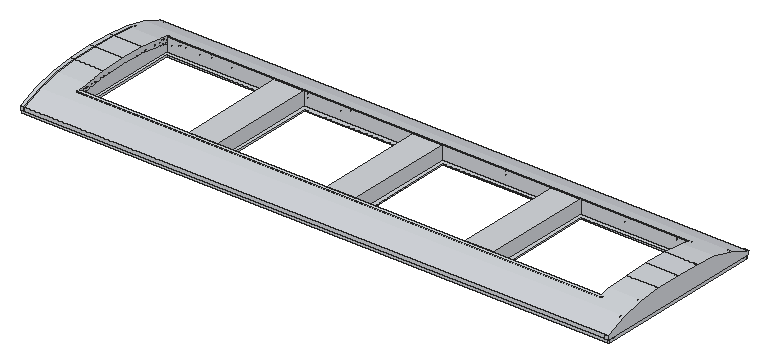
Revit family "Gira_021424", category Electrical Fixtures, host Face, Revit 2017
Family settings
  Host = Face
  Maintain Annotation Orientation = No
  Round Connector Dimension = Use Diameter
  Part Type = Normal
  Cut with Voids When Loaded = No
  Shared = No
  Room Calculation Point = No
Parameters (values of type "Abdeckrahmen 4f Zwischenr. AN Gira Event Opak Weiß")
  Werkstoffgüte = "Thermoplast"
  Werkstoff = "Kunststoff"
  URL = "http://katalog.gira.de/de_DE/datenblatt.html?artikelnr=021424"
  Transparent = "No"
  Textfeld/Beschriftungsfläche = "No"
  Schutzart (IP) = "IP20"
  Region = "DE"
  Oberfläche = "sonstige"
  Name = "Abdeckrahmen 4f Zwischenr. AN Gira Event Opak Weiß"
  Montagerichtung = "horizontal und vertikal"
  Mit Montagerahmen = "No"
  Mit Klappdeckel = "No"
  Manufacturer URL = "https://www.gira.de/"
  Keynote = "Event_Rahmen_4fach"
  HeinzeBIM = "https://bimportal.heinze.de/bim/abdeckrahmen-4f-zwischenr-an-gira-event-opak-weiss/6fcdf90ccfd1a595ccc90862a1378a769ea36363"
  Halogenfrei = "Yes"
  HAN = "021424"
  Geeignet für Unterputz-Installation = "Yes"
  Geeignet für Unterflurkanaldose = "No"
  Geeignet für Geräteeinbaukanal = "No"
  Geeignet für Einbauinstallation = "No"
  GTIN = "4010337214243"
  Farbe = "weiß"
  Default Elevation = 1219.2 mm
  Data sheet (1) = "https://katalog.gira.de/de_DE/download.html?artikelnr=021424"
  Category = "Abdeckrahmen"
  Befestigungsart = "Klemmbefestigung"
  Available = "Yes"
  Anzahl der Einheiten vertikal = "4 "
  Anzahl der Einheiten horizontal = "4 "
  Anzahl der Einheiten = "4 "
Reference planes
  plane 1 "Center (Front/Back)": y = 0
  plane 2: z = 0
  plane 3 "Center (Left/Right)": x = 0
Forms (mm)
  Extrusion 1, solid, detail levels fine
    sketch origin (0, 0, 0.05) x (0, 1, 0) y (0, 0, 1)
      loop
        arc (12.445, 9.683) -> (6.223, 9.833) -> (0, 9.85) r 291.636
        arc (0, 9.85) -> (-6.223, 9.833) -> (-12.445, 9.683) r 291.636
        arc (-12.445, 9.683) -> (-29.14, 7.482) -> (-45, 1.823) r 79.728
        line (-45, 1.823) -> (-45, -0.05) -> (-42.086, -0.05)
        arc (-42.086, -0.05) -> (-21.385, 5.559) -> (0, 7.206) r 114.424
        arc (0, 7.206) -> (21.385, 5.559) -> (42.086, -0.05) r 114.424
        line (42.086, -0.05) -> (45, -0.05) -> (45, 1.823)
        arc (45, 1.823) -> (29.14, 7.482) -> (12.445, 9.683) r 79.728
    from -151.95 to 151.935
  Extrusion 2, void, detail levels fine
    sketch origin (0, 0, 0) x (1, 0, 0) y (0, 1, 0)
      loop
        line (134.95, 28.035) -> (-134.95, 28.035) -> (-134.95, -28.035) -> (134.95, -28.035) -> (134.95, 28.035)
    from 0.724 to 11
  Extrusion 3, solid, detail levels coarse
    sketch origin (0, 0, 0) x (1, 0, 0) y (0, 1, 0)
      loop
        line (-151.95, 45) -> (-151.95, -45) -> (151.935, -45) -> (151.935, 45) -> (-151.95, 45)
    from -1.5 to 9.9
  Extrusion 4, solid, detail levels medium
    sketch origin (0, 0, 0.05) x (0, 1, 0) y (0, 0, 1)
      loop
        arc (12.445, 9.683) -> (6.223, 9.833) -> (0, 9.85) r 291.636
        arc (0, 9.85) -> (-6.223, 9.833) -> (-12.445, 9.683) r 291.636
        arc (-12.445, 9.683) -> (-29.14, 7.482) -> (-45, 1.823) r 79.728
        line (-45, 1.823) -> (-45, -0.05) -> (45, -0.05) -> (45, 1.823)
        arc (45, 1.823) -> (29.14, 7.482) -> (12.445, 9.683) r 79.728
    from -151.95 to 151.935
  Extrusion 5, solid, detail levels fine
    sketch origin (-106.95, 0, -1.5) x (0, 1, 0) y (0, 0, -1)
      loop
        line (45, -3.373) -> (45, -1.5) -> (-45, -1.5) -> (-45, -3.373)
        arc (-45, -3.373) -> (-29.14, -9.032) -> (-12.445, -11.233) r 79.728
        arc (-12.445, -11.233) -> (-6.223, -11.383) -> (0, -11.4) r 291.636
        arc (0, -11.4) -> (6.223, -11.383) -> (12.445, -11.233) r 291.636
        arc (12.445, -11.233) -> (29.14, -9.032) -> (45, -3.373) r 79.728
    from 43 to 45
  Extrusion 6, solid, detail levels fine
    sketch origin (0, 0, 0) x (1, 0, 0) y (0, 1, 0)
      loop
        line (-132.85, 25.7) -> (-132.85, -25.7) -> (-81.05, -25.7) -> (-81.05, 25.7) -> (-132.85, 25.7)
      loop
        line (-9.755, -25.7) -> (-9.755, 25.7) -> (-61.555, 25.7) -> (-61.555, -25.7) -> (-9.755, -25.7)
      loop
        line (-135.845, 28.49) -> (-135.845, -28.495)
        spline (-135.845, -28.495) -> (-135.836, -28.625) -> (-135.811, -28.754) -> (-135.769, -28.878) -> (-135.711, -28.995) -> (-135.638, -29.104) -> (-135.552, -29.202) -> (-135.454, -29.288) -> (-135.345, -29.361) -> (-135.228, -29.419) -> (-135.104, -29.461) -> (-134.975, -29.486) -> (-134.845, -29.495)
        line (-134.845, -29.495) -> (134.845, -29.495)
        spline (134.845, -29.495) -> (134.975, -29.486) -> (135.104, -29.461) -> (135.228, -29.419) -> (135.345, -29.361) -> (135.454, -29.288) -> (135.552, -29.202) -> (135.638, -29.104) -> (135.711, -28.995) -> (135.769, -28.878) -> (135.811, -28.754) -> (135.836, -28.625) -> (135.845, -28.495)
        line (135.845, -28.495) -> (135.845, 28.49)
        spline (135.845, 28.49) -> (135.836, 28.62) -> (135.811, 28.748) -> (135.769, 28.872) -> (135.711, 28.99) -> (135.638, 29.098) -> (135.552, 29.197) -> (135.454, 29.283) -> (135.345, 29.356) -> (135.228, 29.413) -> (135.104, 29.456) -> (134.975, 29.481) -> (134.845, 29.49)
        line (134.845, 29.49) -> (-134.845, 29.49)
        spline (-134.845, 29.49) -> (-134.975, 29.481) -> (-135.104, 29.456) -> (-135.228, 29.413) -> (-135.345, 29.356) -> (-135.454, 29.283) -> (-135.552, 29.197) -> (-135.638, 29.098) -> (-135.711, 28.99) -> (-135.769, 28.872) -> (-135.811, 28.748) -> (-135.836, 28.62) -> (-135.845, 28.49)
      loop
        line (61.545, -25.7) -> (61.545, 25.7) -> (9.745, 25.7) -> (9.745, -25.7) -> (61.545, -25.7)
      loop
        line (132.85, -25.7) -> (132.85, 25.7) -> (81.05, 25.7) -> (81.05, -25.7) -> (132.85, -25.7)
    from 0.1 to 7.3
  Extrusion 7, solid
    sketch origin (0, 0, 0) x (1, 0, 0) y (0, 1, 0)
      loop
        arc (-151.65, -44.218) -> (-151.504, -44.572) -> (-151.15, -44.718) r 0.5
        line (-151.15, -44.718) -> (151.15, -44.718)
        arc (151.15, -44.718) -> (151.504, -44.572) -> (151.65, -44.218) r 0.5
        line (151.65, -44.218) -> (151.65, 44.182)
        arc (151.65, 44.182) -> (151.504, 44.535) -> (151.15, 44.682) r 0.5
        line (151.15, 44.682) -> (-151.15, 44.682)
        arc (-151.15, 44.682) -> (-151.504, 44.535) -> (-151.65, 44.182) r 0.5
        line (-151.65, 44.182) -> (-151.65, -44.218)
      loop
        line (-149.95, 42.982) -> (-149.95, -43.018) -> (149.95, -43.018) -> (149.95, 42.982) -> (-149.95, 42.982)
    from -1.5 to 0.5
  Extrusion 8, solid, detail levels fine
    sketch origin (106.935, 0, -1.5) x (0, 1, 0) y (0, 0, 1)
      loop
        arc (45, 3.373) -> (29.14, 9.032) -> (12.445, 11.233) r 79.728
        arc (12.445, 11.233) -> (6.223, 11.383) -> (0, 11.4) r 291.636
        arc (0, 11.4) -> (-6.223, 11.383) -> (-12.445, 11.233) r 291.636
        arc (-12.445, 11.233) -> (-29.14, 9.032) -> (-45, 3.373) r 79.728
        line (-45, 3.373) -> (-45, 1.5) -> (45, 1.5) -> (45, 3.373)
    from 43 to 45
  Extrusion 9, solid, detail levels medium
    sketch origin (0, 0, 0) x (1, 0, 0) y (0, 1, 0)
      loop
        line (-151.65, -44.718) -> (151.65, -44.718) -> (151.65, 44.682) -> (-151.65, 44.682) -> (-151.65, -44.718)
    from -1.5 to 0.5
  Extrusion 10, solid, detail levels fine
    sketch origin (-69.857, 0, 0) x (1, 0, 0) y (0, 1, 0)
      loop
        line (-8.943, 28.063) -> (-8.943, -27.937) -> (6.057, -27.937) -> (6.057, 28.063) -> (-8.943, 28.063)
    from 0.724 to 7.566
  Extrusion 11, solid, detail levels fine
    sketch origin (-1.443, 0, 0) x (-1, 0, 0) y (0, -1, 0)
      loop
        line (-8.943, -28.063) -> (6.057, -28.063) -> (6.057, 27.937) -> (-8.943, 27.937) -> (-8.943, -28.063)
    from 0.724 to 7.566
  Extrusion 12, solid, detail levels fine
    sketch origin (69.857, 0, 0) x (-1, 0, 0) y (0, -1, 0)
      loop
        line (-8.943, -28.063) -> (6.057, -28.063) -> (6.057, 27.937) -> (-8.943, 27.937) -> (-8.943, -28.063)
    from 0.724 to 7.566
Cuts and joins
  Extrusion 2 cuts Extrusion 1
  Extrusion 2 cuts Extrusion 6
Dimensions and locks
  aligned and locked: plane 2 to host face
  aligned and locked: level to host face
